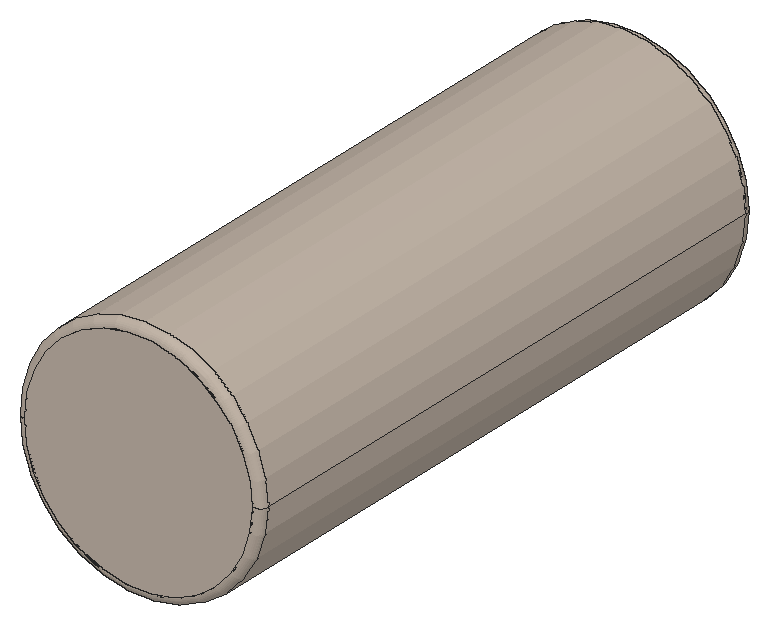
Revit family "FU_Seat_LAPSE 0310BC", category Furniture, Revit 2022
Family settings
  OmniClass Number = 23.40.20.00
  OmniClass Title = General Furniture and Specialties
  Work Plane-Based = No
  Always vertical = Yes
  Cut with Voids When Loaded = No
  Render Appearance Source = Family Geometry
  Shared = No
  Room Calculation Point = No
Parameters (values of type "LAP0310BC")
  Width = 140 mm
  URL = "https://www.sandlerseating.com/product/lapse-0310bi-2/"
  Seat [instance] = Fabric - Gravity - Wheat CPC21
  Model = "LAP0310BC"
  Manufacturer = "Sandler"
  Height = 140 mm
  Elevation = 455 mm
  Description = "Upholstered intermediate arm for the Lapse modular seating range."
  Depth = 350 mm
  Default Elevation = 0 mm
Reference planes
  plane 1 "Center (Front/Back)": y = 0
  plane 2: z = 0
  plane 3 "Center (Left/Right)": x = 0
  plane 4 "Right": x = -70
  plane 5 "Left": x = 70
  plane 6 "Back": y = 175
  plane 7 "Front": y = -175
  plane 8 "Height": z = 595
  plane 9 "Seat height": z = 455
Forms (mm)
  Extrusion 1, solid, material "Fabric - Gravity - Wheat CPC21" <- "Seat"
    sketch origin (0, 0, 0) x (1, 0, 0) y (0, 0, 1)
      loop
        circle (0, 525) r 70
    from -175 to 175
  Sweep 2, void
    path in 3D
      loop
        arc (70, -175, 525) -> (0, -175, 455) -> (-70, -175, 525) r 70
        arc (-70, -175, 525) -> (0, -175, 595) -> (70, -175, 525) r 70
    profile "Pro_edgeCut_5mm : Pro_edgeCut_5mm" origin (0, -175, 595) x (0, 0, 1) y (0, -1, 0)
      loop
        line (10.607, -3.536) -> (-3.536, 10.607) -> (-6.382, 2.068)
        arc (-6.382, 2.068) -> (-6.244, 0.665) -> (-5, 0) r 1.496
        arc (-5, 0) -> (-1.464, -1.464) -> (0, -5) r 5
        arc (0, -5) -> (0.696, -6.197) -> (2.068, -6.382) r 1.575
        line (2.068, -6.382) -> (10.607, -3.536)
  Sweep 3, void
    path in 3D
      loop
        arc (-70, 175, 525) -> (0, 175, 455) -> (70, 175, 525) r 70
        arc (70, 175, 525) -> (0, 175, 595) -> (-70, 175, 525) r 70
    profile "Pro_edgeCut_5mm : Pro_edgeCut_5mm" origin (0, 175, 595) x (0, 0, 1) y (0, 1, 0)
      loop
        line (10.607, -3.536) -> (-3.536, 10.607) -> (-6.382, 2.068)
        arc (-6.382, 2.068) -> (-6.244, 0.665) -> (-5, 0) r 1.496
        arc (-5, 0) -> (-1.464, -1.464) -> (0, -5) r 5
        arc (0, -5) -> (0.696, -6.197) -> (2.068, -6.382) r 1.575
        line (2.068, -6.382) -> (10.607, -3.536)
Cuts and joins
  Sweep 2, Sweep 3 cuts Extrusion 1
Lines and regions (mm)
  sketch lines
    curve 1: arc (-70, -175, 525) -> (0, -175, 595) -> (70, -175, 525) r 70
    curve 2: arc (70, -175, 525) -> (0, -175, 455) -> (-70, -175, 525) r 70
    curve 3: arc (70, 175, 525) -> (0, 175, 595) -> (-70, 175, 525) r 70
    curve 4: arc (-70, 175, 525) -> (0, 175, 455) -> (70, 175, 525) r 70
Dimensions and locks
  equal spacing: plane 4 "Right", plane 3 "Center (Left/Right)", plane 5 "Left"
  "Width": plane 4 "Right" to plane 5 "Left"
  equal spacing: plane 6 "Back", plane 1 "Center (Front/Back)", plane 7 "Front"
  "Depth": plane 6 "Back" to plane 7 "Front"
  plane 8 "Height" to level = 595 mm
  "Elevation": plane 9 "Seat height" to level
  "Height": plane 8 "Height" to plane 9 "Seat height"
  aligned and locked: level to plane 2
Automatic sketch dimensions
  Extrusion 1 sketch curve to plane 3 "Center (Left/Right)" = 0 mm
  Extrusion 1 sketch curve to plane 8 "Height" = 70 mm
  radius of Extrusion 1 sketch curve = 70 mm
